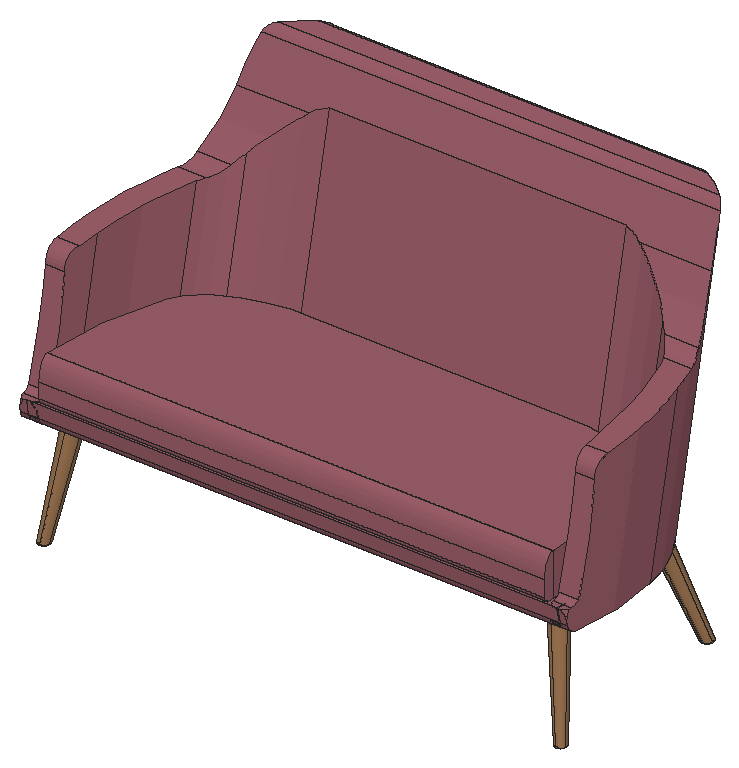
Revit family "FU_Sofa_Sandler_Danielle 8-1", category Furniture, Revit 2020
Family settings
  OmniClass Number = 23.40.20.00
  OmniClass Title = General Furniture and Specialties
  Work Plane-Based = No
  Always vertical = Yes
  Cut with Voids When Loaded = No
  Shared = No
  Room Calculation Point = No
Parameters (values of type "Danielle 8.1")
  Width = 1430 mm
  URL = "https://www.sandlerseating.com/product/danielle-8-1/"
  Seat = Fabric - X2 - Subtract AK013
  Model = "Danielle 8.1"
  Manufacturer = "Sandler"
  Height = 970 mm
  Frame = Wood - Beech - Dark Cherry
  Description = "Fully upholstered sofa with solid beech frame."
  Depth = 730 mm
  Default Elevation = 0 mm
Reference planes
  plane 1 "Center (Front/Back)": y = 0
  plane 2: z = 0
  plane 3 "Center (Left/Right)": x = 0
  plane 4 "Right": x = -715
  plane 5 "Left": x = 715
  plane 6 "Back": y = 365
  plane 7 "Front": y = -365
  plane 8 "Height": z = 970
  plane 9 "Seat height": z = 450
  plane 10 "BLL C Front": through (627.909, -1524, 7.414) normal (-0.9774, 0, -0.2113)
  plane 11 "FLL C FRONT": through (666.588, -1524, 6.228) normal (-0.9888, 0, -0.1489)
  plane 12 "Glide Height": z = 5
  plane 13 "FL C RIGHT": y = -331.51
  plane 14 "BL C RIGHT": y = 188.688
  plane 15 "Seat Base RIGHT": through (4267.2, -261.884, 279.686) normal (0, 0.0611, 0.9981)
Forms (mm)
  SweptBlend 1, solid, material "Wood - Beech - Dark Cherry" <- "Frame"
    path origin (652.721, 0, 98.303) x (0.148925, 0, -0.988848) y (0, -1, 0)
      loop
        line (106.935, 333.658) -> (-189.122, 285.177)
    profile "Pro_Circles : 28mm" origin (668.646, -333.658, -7.439) x (0.024066, 0.986856, -0.159798) y (-0.988848, 0, -0.148925)
      loop
        arc (-13.967, 0.067) -> (-9.943, -9.849) -> (-0.067, -13.967) r 13.901
        arc (-0.067, -13.967) -> (9.896, -9.896) -> (13.967, 0.067) r 13.901
        arc (13.967, 0.067) -> (9.849, 9.943) -> (-0.067, 13.967) r 13.9
        arc (-0.067, 13.967) -> (-9.895, 9.895) -> (-13.967, 0.067) r 13.9
    end profile "Pro_Circles : 48mm" origin (624.556, -285.177, 285.316) x (0.024066, 0.986856, -0.159798) y (-0.988848, 0, -0.148925)
      loop
        arc (-23.967, 0.067) -> (-17.014, -16.92) -> (-0.066, -23.967) r 23.901
        arc (-0.066, -23.967) -> (16.967, -16.967) -> (23.967, 0.067) r 23.901
        arc (23.967, 0.067) -> (16.92, 17.014) -> (-0.067, 23.967) r 23.9
        arc (-0.067, 23.967) -> (-16.966, 16.966) -> (-23.967, 0.067) r 23.9
  SweptBlend 2, solid, material "Wood - Beech - Dark Cherry" <- "Frame"
    path origin (601.415, 0, 129.99) x (0.211262, 0, -0.97743) y (0, -1, 0)
      loop
        line (142.917, -193.933) -> (-146.176, -96.721)
    profile "Pro_Circles : 28mm" origin (631.609, 193.933, -9.702) x (-0.067335, 0.947847, 0.311533) y (-0.97743, 0, -0.211262)
      loop
        arc (-13.967, 0.067) -> (-9.943, -9.849) -> (-0.067, -13.967) r 13.901
        arc (-0.067, -13.967) -> (9.896, -9.896) -> (13.967, 0.067) r 13.901
        arc (13.967, 0.067) -> (9.849, 9.943) -> (-0.067, 13.967) r 13.9
        arc (-0.067, 13.967) -> (-9.895, 9.895) -> (-13.967, 0.067) r 13.9
    end profile "Pro_Circles : 48mm" origin (570.534, 96.721, 272.867) x (-0.067335, 0.947847, 0.311533) y (-0.97743, 0, -0.211262)
      loop
        arc (-23.967, 0.067) -> (-17.014, -16.92) -> (-0.066, -23.967) r 23.901
        arc (-0.066, -23.967) -> (16.967, -16.967) -> (23.967, 0.067) r 23.901
        arc (23.967, 0.067) -> (16.92, 17.014) -> (-0.067, 23.967) r 23.9
        arc (-0.067, 23.967) -> (-16.966, 16.966) -> (-23.967, 0.067) r 23.9
  SweptBlend 3, solid, material "Wood - Beech - Dark Cherry" <- "Frame"
    path origin (-652.721, 0, 98.303) x (-0.148925, 0, -0.988848) y (0, 1, 0)
      loop
        line (106.935, -333.658) -> (-189.122, -285.177)
    profile "Pro_Circles : 28mm" origin (-668.646, -333.658, -7.439) x (0.024066, -0.986856, 0.159798) y (0.988848, 0, -0.148925)
      loop
        arc (13.967, 0.067) -> (9.895, 9.895) -> (0.067, 13.967) r 13.9
        arc (0.067, 13.967) -> (-9.849, 9.943) -> (-13.967, 0.067) r 13.9
        arc (-13.967, 0.067) -> (-9.896, -9.896) -> (0.067, -13.967) r 13.901
        arc (0.067, -13.967) -> (9.943, -9.849) -> (13.967, 0.067) r 13.901
    end profile "Pro_Circles : 48mm" origin (-624.556, -285.177, 285.316) x (0.024066, -0.986856, 0.159798) y (0.988848, 0, -0.148925)
      loop
        arc (23.967, 0.067) -> (16.966, 16.966) -> (0.067, 23.967) r 23.9
        arc (0.067, 23.967) -> (-16.92, 17.014) -> (-23.967, 0.067) r 23.9
        arc (-23.967, 0.067) -> (-16.967, -16.967) -> (0.066, -23.967) r 23.901
        arc (0.066, -23.967) -> (17.014, -16.92) -> (23.967, 0.067) r 23.901
  SweptBlend 4, solid, material "Wood - Beech - Dark Cherry" <- "Frame"
    path origin (-601.415, 0, 129.99) x (-0.211262, 0, -0.97743) y (0, 1, 0)
      loop
        line (142.917, 193.933) -> (-146.176, 96.721)
    profile "Pro_Circles : 28mm" origin (-631.609, 193.933, -9.702) x (-0.067335, -0.947847, -0.311533) y (0.97743, 0, -0.211262)
      loop
        arc (13.967, 0.067) -> (9.895, 9.895) -> (0.067, 13.967) r 13.9
        arc (0.067, 13.967) -> (-9.849, 9.943) -> (-13.967, 0.067) r 13.9
        arc (-13.967, 0.067) -> (-9.896, -9.896) -> (0.067, -13.967) r 13.901
        arc (0.067, -13.967) -> (9.943, -9.849) -> (13.967, 0.067) r 13.901
    end profile "Pro_Circles : 48mm" origin (-570.534, 96.721, 272.867) x (-0.067335, -0.947847, -0.311533) y (0.97743, 0, -0.211262)
      loop
        arc (23.967, 0.067) -> (16.966, 16.966) -> (0.067, 23.967) r 23.9
        arc (0.067, 23.967) -> (-16.92, 17.014) -> (-23.967, 0.067) r 23.9
        arc (-23.967, 0.067) -> (-16.967, -16.967) -> (0.066, -23.967) r 23.901
        arc (0.066, -23.967) -> (17.014, -16.92) -> (23.967, 0.067) r 23.901
  Extrusion 5, void
    sketch origin (0, 0, 0) x (1, 0, 0) y (0, 1, 0)
      loop
        line (-715, -365) -> (715, -365) -> (715, 255) -> (-715, 255) -> (-715, -365)
    from -20 to 5
  Revolve 6, solid, material "Rubber, Black"
    sketch origin (0, -331.51, 0) x (0, 0, 1) y (1, 0, 0)
      loop
        line (5, 652.144) -> (5, 666.698) -> (0, 666.698)
        spline (0, 666.698) -> (0.043, 664.799) -> (0.17, 662.931) -> (0.381, 661.129) -> (0.67, 659.421) -> (1.033, 657.838) -> (1.464, 656.407) -> (1.956, 655.151) -> (2.5, 654.094) -> (3.087, 653.252) -> (3.706, 652.64) -> (4.347, 652.268) -> (5, 652.144)
      axis (5, 666.698) -> (0, 666.698)
    angle from 0 to 360
  Revolve 7, solid, material "Rubber, Black"
    sketch origin (0, 188.688, 0) x (0, 0, 1) y (1, 0, 0)
      loop
        line (5, 613.497) -> (5, 628.32) -> (0, 628.32)
        spline (0, 628.32) -> (0.043, 626.386) -> (0.17, 624.484) -> (0.381, 622.648) -> (0.67, 620.909) -> (1.033, 619.297) -> (1.464, 617.839) -> (1.956, 616.56) -> (2.5, 615.483) -> (3.087, 614.625) -> (3.706, 614.002) -> (4.347, 613.624) -> (5, 613.497)
      axis (5, 628.32) -> (0, 628.32)
    angle from 0 to 360
  Revolve 8, solid, material "Rubber, Black"
    sketch origin (0, -331.51, 0) x (0, 0, 1) y (-1, 0, 0)
      loop
        line (5, 652.144) -> (5, 666.698) -> (0, 666.698)
        spline (0, 666.698) -> (0.043, 664.799) -> (0.17, 662.931) -> (0.381, 661.129) -> (0.67, 659.421) -> (1.033, 657.838) -> (1.464, 656.407) -> (1.956, 655.151) -> (2.5, 654.094) -> (3.087, 653.252) -> (3.706, 652.64) -> (4.347, 652.268) -> (5, 652.144)
      axis (5, 666.698) -> (0, 666.698)
    angle from 0 to 360
  Revolve 9, solid, material "Rubber, Black"
    sketch origin (0, 188.688, 0) x (0, 0, 1) y (-1, 0, 0)
      loop
        line (5, 613.497) -> (5, 628.32) -> (0, 628.32)
        spline (0, 628.32) -> (0.043, 626.386) -> (0.17, 624.484) -> (0.381, 622.648) -> (0.67, 620.909) -> (1.033, 619.297) -> (1.464, 617.839) -> (1.956, 616.56) -> (2.5, 615.483) -> (3.087, 614.625) -> (3.706, 614.002) -> (4.347, 613.624) -> (5, 613.497)
      axis (5, 628.32) -> (0, 628.32)
    angle from 0 to 360
  Sweep 10, solid, material "Fabric - X2 - Subtract AK013" <- "Seat"
    path origin (0, 0, 0) x (0, 1, 0) y (0, 0, 1)
      loop
        line (199.135, 133.27) -> (382.244, 994.009)
    profile "Pro_D8-1_SeatBack : Pro_D8-1_SeatBack" origin (0, 290.689, 563.639) x (0, -0.978112, 0.208078) y (1, 0, 0)
      loop
        arc (0, -376.089) -> (27.622, -498.214) -> (102.664, -598.444) r 300.161
        arc (102.664, -598.444) -> (190.937, -652.253) -> (289.097, -684.689) r 453.854
        arc (289.097, -684.689) -> (435.787, -710.165) -> (584.623, -706.324) r 754.098
        arc (584.623, -706.324) -> (597.135, -685.186) -> (586.461, -663.063) r 26
        arc (586.461, -663.063) -> (532.987, -655.674) -> (479.206, -651.006) r 1064.292
        arc (479.206, -651.006) -> (355.337, -634.657) -> (234.961, -601.179) r 892.997
        arc (234.961, -601.179) -> (194.901, -575.447) -> (164.616, -538.708) r 153.981
        arc (164.616, -538.708) -> (131.634, -463.948) -> (117.155, -383.529) r 345.081
        line (117.155, -383.529) -> (117.155, 383.529)
        arc (117.155, 383.529) -> (131.634, 463.948) -> (164.616, 538.708) r 345.081
        arc (164.616, 538.708) -> (194.901, 575.447) -> (234.961, 601.179) r 153.981
        arc (234.961, 601.179) -> (355.337, 634.657) -> (479.206, 651.006) r 892.997
        arc (479.206, 651.006) -> (532.987, 655.674) -> (586.461, 663.063) r 1064.292
        arc (586.461, 663.063) -> (597.135, 685.186) -> (584.623, 706.324) r 26
        arc (584.623, 706.324) -> (435.787, 710.165) -> (289.097, 684.689) r 754.098
        arc (289.097, 684.689) -> (190.937, 652.253) -> (102.664, 598.444) r 453.854
        arc (102.664, 598.444) -> (27.622, 498.214) -> (0, 376.089) r 300.161
        line (0, 376.089) -> (0, -376.089)
  Extrusion 11, void
    sketch origin (0, 0, 0) x (0, 1, 0) y (0, 0, 1)
      loop
        line (-337.018, 284.289) -> (185.971, 252.25)
        arc (185.971, 252.25) -> (218.113, 262.075) -> (235.922, 290.579) r 47.98
        line (235.922, 290.579) -> (356.308, 882.533)
        arc (356.308, 882.533) -> (361.119, 915.568) -> (365, 948.725) r 1187.912
        arc (365, 948.725) -> (360.609, 963.103) -> (347.25, 970) r 19.354
        line (347.25, 970) -> (300.544, 963.269)
        arc (300.544, 963.269) -> (286.181, 956.798) -> (275.927, 944.838) r 36.193
        arc (275.927, 944.838) -> (248.816, 891.299) -> (223.931, 836.688) r 1457.491
        arc (223.931, 836.688) -> (185.808, 769.619) -> (138.857, 708.404) r 561.85
        arc (138.857, 708.404) -> (119.917, 691.932) -> (95.931, 684.532) r 60.7
        arc (95.931, 684.532) -> (-67.852, 668.454) -> (-231.401, 650.135) r 12020.143
        arc (-231.401, 650.135) -> (-261.874, 637.513) -> (-274.497, 607.039) r 43.096
        arc (-274.497, 607.039) -> (-295.432, 478.761) -> (-327.435, 352.787) r 1494.313
        arc (-327.435, 352.787) -> (-335.642, 344.013) -> (-347.211, 340.775) r 22.285
        line (-347.211, 340.775) -> (-365, 340.775) -> (-357.81, 303.431)
        arc (-357.81, 303.431) -> (-350.489, 290.52) -> (-337.018, 284.289) r 24.262
      loop
        line (-480.271, 1245.584) -> (-480.271, 85.584) -> (439.729, 85.584) -> (439.729, 1245.584) -> (-480.271, 1245.584)
    from -720 to 720
  Extrusion 12, solid, material "Fabric - X2 - Subtract AK013" <- "Seat"
    sketch origin (0, 0, 0) x (0, 1, 0) y (0, 0, 1)
      loop
        line (-337.046, 283.831) -> (178.471, 252.25)
        arc (178.471, 252.25) -> (215.376, 266.809) -> (227.902, 304.453) r 46.878
        line (227.902, 304.453) -> (-365, 340.775) -> (-357.987, 303.264)
        arc (-357.987, 303.264) -> (-350.645, 290.176) -> (-337.046, 283.831) r 24.48
    from -684.689 to 684.689
  Extrusion 13, void
    sketch origin (0, 0, 0) x (1, 0, 0) y (0, 1, 0)
      loop
        spline (517.951, 185.971) -> (525.482, 181.608) -> (532.884, 177.03) -> (540.15, 172.241) -> (547.274, 167.243) -> (554.25, 162.041) -> (561.072, 156.64) -> (567.735, 151.045) -> (574.233, 145.259) -> (580.561, 139.288) -> (586.712, 133.136) -> (592.683, 126.81) -> (598.467, 120.313)
        spline (598.467, 120.313) -> (608.824, 106.335) -> (618.644, 91.977) -> (627.914, 77.259) -> (636.621, 62.202) -> (644.752, 46.828) -> (652.296, 31.159) -> (659.242, 15.216) -> (665.579, -0.978) -> (671.3, -17.398) -> (676.395, -34.022) -> (680.858, -50.827) -> (684.682, -67.788)
        line (684.682, -67.788) -> (715, -67.788) -> (715, 272.212) -> (-715, 272.212) -> (-715, -67.788) -> (-684.683, -67.788)
        spline (-684.683, -67.788) -> (-680.859, -50.827) -> (-676.396, -34.023) -> (-671.301, -17.399) -> (-665.58, -0.978) -> (-659.243, 15.215) -> (-652.297, 31.157) -> (-644.753, 46.827) -> (-636.622, 62.201) -> (-627.915, 77.257) -> (-618.645, 91.975) -> (-608.825, 106.333) -> (-598.468, 120.311)
        spline (-598.468, 120.311) -> (-592.683, 126.807) -> (-586.713, 133.134) -> (-580.561, 139.285) -> (-574.234, 145.257) -> (-567.736, 151.043) -> (-561.073, 156.639) -> (-554.25, 162.039) -> (-547.274, 167.241) -> (-540.15, 172.239) -> (-532.884, 177.029) -> (-525.482, 181.607) -> (-517.95, 185.969)
        spline (-517.95, 185.969) -> (-506.833, 191.971) -> (-495.55, 197.594) -> (-484.125, 202.833) -> (-472.584, 207.66) -> (-460.938, 212.06) -> (-449.196, 216.02) -> (-437.353, 219.525) -> (-425.409, 222.561) -> (-413.321, 225.085) -> (-401.089, 227.07) -> (-388.67, 228.392) -> (-376.089, 229.042)
        line (-376.089, 229.042) -> (376.089, 229.042)
        spline (376.089, 229.042) -> (388.67, 228.392) -> (401.09, 227.071) -> (413.321, 225.085) -> (425.409, 222.561) -> (437.353, 219.525) -> (449.197, 216.021) -> (460.938, 212.061) -> (472.585, 207.661) -> (484.126, 202.834) -> (495.551, 197.595) -> (506.834, 191.973) -> (517.951, 185.971)
    from 340.775 to 250
  Extrusion 14, solid, material "Fabric - X2 - Subtract AK013" <- "Seat"
    sketch origin (0, 0, 450) x (-1, 0, 0) y (0, -1, 0)
      loop
        line (652.397, 337.018) -> (-652.397, 337.018)
        spline (-652.397, 337.018) -> (-652.658, 309.552) -> (-652.088, 282.092) -> (-650.688, 254.66) -> (-648.459, 227.284) -> (-645.403, 199.987) -> (-641.524, 172.795) -> (-636.824, 145.732) -> (-631.307, 118.822) -> (-624.98, 92.092) -> (-617.847, 65.564) -> (-609.915, 39.263) -> (-601.192, 13.213)
        spline (-601.192, 13.213) -> (-597.85, 6.051) -> (-594.146, -0.932) -> (-590.091, -7.717) -> (-585.694, -14.286) -> (-580.967, -20.623) -> (-575.922, -26.712) -> (-570.573, -32.535) -> (-564.933, -38.079) -> (-559.017, -43.328) -> (-552.841, -48.269) -> (-546.42, -52.89) -> (-539.771, -57.177)
        spline (-539.771, -57.177) -> (-527.845, -64.04) -> (-515.651, -70.419) -> (-503.21, -76.303) -> (-490.543, -81.683) -> (-477.669, -86.551) -> (-464.609, -90.898) -> (-451.385, -94.717) -> (-438.017, -98.003) -> (-424.528, -100.75) -> (-410.939, -102.953) -> (-397.273, -104.609) -> (-383.551, -105.715)
        line (-383.551, -105.715) -> (383.551, -105.715)
        spline (383.551, -105.715) -> (397.273, -104.609) -> (410.939, -102.953) -> (424.528, -100.75) -> (438.017, -98.003) -> (451.384, -94.717) -> (464.609, -90.898) -> (477.668, -86.551) -> (490.543, -81.683) -> (503.21, -76.303) -> (515.651, -70.419) -> (527.844, -64.04) -> (539.771, -57.177)
        spline (539.771, -57.177) -> (546.42, -52.89) -> (552.841, -48.269) -> (559.018, -43.328) -> (564.934, -38.078) -> (570.574, -32.534) -> (575.923, -26.711) -> (580.968, -20.622) -> (585.695, -14.285) -> (590.092, -7.715) -> (594.148, -0.93) -> (597.851, 6.053) -> (601.193, 13.215)
        spline (601.193, 13.215) -> (609.916, 39.265) -> (617.848, 65.566) -> (624.981, 92.094) -> (631.308, 118.824) -> (636.824, 145.733) -> (641.524, 172.796) -> (645.404, 199.988) -> (648.459, 227.285) -> (650.688, 254.661) -> (652.088, 282.092) -> (652.658, 309.553) -> (652.397, 337.018)
    from 0 to -110
  Sweep 15, solid, material "Fabric - X2 - Subtract AK013" <- "Seat"
    path in 3D
      loop
        line (-652.397, -337.018, 450) -> (652.397, -337.018, 450)
    profile "pro_D8-1_SeatFront : pro_D8-1_SeatFront" origin (0, -337.018, 450) x (0, 1, 0) y (0, 0, 1)
      loop
        line (0, -110) -> (0, 0)
        spline (0, 0) -> (-3.655, -0.471) -> (-7.247, -1.874) -> (-10.715, -4.187) -> (-14, -7.369) -> (-17.045, -11.366) -> (-19.799, -16.109) -> (-22.214, -21.518) -> (-24.249, -27.5) -> (-25.869, -33.952) -> (-27.046, -40.765) -> (-27.76, -47.821) -> (-28, -55)
        line (-28, -55) -> (-28, -96)
        arc (-28, -96) -> (-23.899, -105.899) -> (-14, -110) r 14
        line (-14, -110) -> (0, -110)
Cuts and joins
  Extrusion 5 cuts SweptBlend 3
  Extrusion 5 cuts SweptBlend 4
  Extrusion 5 cuts SweptBlend 2
  Extrusion 5 cuts SweptBlend 1
  Extrusion 11 cuts Sweep 10
  Extrusion 13 cuts Extrusion 12
Lines and regions (mm)
  reference lines
    curve 1: line (628.428, 188.688, 5.014) -> (629.484, 188.688, 0.126)
    curve 2: line (-628.428, 188.688, 5.014) -> (-629.484, 188.688, 0.126)
  sketch lines
    curve 3: line (-652.397, -337.018, 450) -> (652.397, -337.018, 450)
Dimensions and locks
  equal spacing: plane 4 "Right", plane 3 "Center (Left/Right)", plane 5 "Left"
  "Width": plane 4 "Right" to plane 5 "Left"
  equal spacing: plane 6 "Back", plane 1 "Center (Front/Back)", plane 7 "Front"
  "Depth": plane 6 "Back" to plane 7 "Front"
  "Height": plane 8 "Height" to level
  plane 9 "Seat height" to level = 450 mm
  aligned and locked: level to plane 2
Automatic sketch dimensions
  plane 13 "FL C RIGHT" to SweptBlend 1 sketch curve = 46.333 mm
  SweptBlend 1 sketch curve to plane 13 "FL C RIGHT" = 2.147 mm
  SweptBlend 1 sketch curve to SweptBlend 1 sketch curve = 296.057 mm
  plane 14 "BL C RIGHT" to curve 1 = 0 mm
  curve 1 to curve 1 = 5 mm
  SweptBlend 2 sketch curve to plane 14 "BL C RIGHT" = 91.967 mm
  plane 14 "BL C RIGHT" to SweptBlend 2 sketch curve = 5.245 mm
  SweptBlend 2 sketch curve to SweptBlend 2 sketch curve = 289.093 mm
  plane 13 "FL C RIGHT" to SweptBlend 3 sketch curve = 46.333 mm
  SweptBlend 3 sketch curve to plane 13 "FL C RIGHT" = 2.147 mm
  SweptBlend 3 sketch curve to SweptBlend 3 sketch curve = 296.057 mm
  SweptBlend 4 sketch curve to plane 14 "BL C RIGHT" = 91.967 mm
  plane 14 "BL C RIGHT" to SweptBlend 4 sketch curve = 5.245 mm
  SweptBlend 4 sketch curve to SweptBlend 4 sketch curve = 289.093 mm
  Extrusion 5 sketch curve to plane 4 "Right" = 0 mm
  Extrusion 5 sketch curve to plane 5 "Left" = 0 mm
  Extrusion 5 sketch curve to plane 7 "Front" = 0 mm
  plane 14 "BL C RIGHT" to Extrusion 5 sketch curve = 66.312 mm
  Revolve 6 sketch curve to level = 0 mm
  Revolve 6 sketch curve to plane 12 "Glide Height" = 0 mm  (x2)
  plane 5 "Left" to Revolve 6 sketch curve = 62.856 mm
  Revolve 6 sketch curve to Revolve 6 sketch curve = 14.555 mm
  Revolve 6 sketch curve to Revolve 6 sketch curve = 2.802 mm
  Revolve 6 sketch curve to Revolve 6 sketch curve = 0 mm
  Revolve 7 sketch curve to level = 0 mm
  Revolve 7 sketch curve to plane 12 "Glide Height" = 0 mm  (x2)
  plane 5 "Left" to Revolve 7 sketch curve = 101.503 mm
  Revolve 7 sketch curve to Revolve 7 sketch curve = 14.823 mm
  Revolve 7 sketch curve to Revolve 7 sketch curve = 2.862 mm
  Revolve 7 sketch curve to Revolve 7 sketch curve = 0 mm
  Revolve 8 sketch curve to level = 0 mm
  Revolve 8 sketch curve to plane 12 "Glide Height" = 0 mm  (x2)
  plane 4 "Right" to Revolve 8 sketch curve = 62.856 mm
  Revolve 8 sketch curve to Revolve 8 sketch curve = 14.555 mm
  Revolve 8 sketch curve to Revolve 8 sketch curve = 2.802 mm
  Revolve 8 sketch curve to Revolve 8 sketch curve = 0 mm
  Revolve 9 sketch curve to level = 0 mm
  Revolve 9 sketch curve to plane 12 "Glide Height" = 0 mm  (x2)
  plane 4 "Right" to Revolve 9 sketch curve = 101.503 mm
  Revolve 9 sketch curve to Revolve 9 sketch curve = 14.823 mm
  Revolve 9 sketch curve to Revolve 9 sketch curve = 2.862 mm
  Revolve 9 sketch curve to Revolve 9 sketch curve = 0 mm
  plane 14 "BL C RIGHT" to curve 2 = 0 mm
  curve 2 to curve 2 = 5 mm
  plane 14 "BL C RIGHT" to Sweep 10 sketch curve = 10.447 mm
  plane 12 "Glide Height" to Sweep 10 sketch curve = 128.27 mm
  plane 6 "Back" to Sweep 10 sketch curve = 17.244 mm
  plane 8 "Height" to Sweep 10 sketch curve = 24.009 mm
  Extrusion 11 sketch curve to plane 7 "Front" = 0 mm
  Extrusion 11 sketch curve to plane 8 "Height" = 0 mm
  Extrusion 11 sketch curve to plane 6 "Back" = 0 mm  (x2)
  Extrusion 11 sketch curve to plane 7 "Front" = 115.271 mm
  plane 8 "Height" to Extrusion 11 sketch curve = 100.234 mm
  Extrusion 11 sketch curve to Extrusion 11 sketch curve = 336.41 mm
  Extrusion 11 sketch curve to plane 8 "Height" = 186.64 mm
  Extrusion 11 sketch curve to Extrusion 11 sketch curve = 941.69 mm
  plane 7 "Front" to Extrusion 11 sketch curve = 7.19 mm
  Extrusion 11 sketch curve to plane 13 "FL C RIGHT" = 15.7 mm
  Extrusion 11 sketch curve to plane 13 "FL C RIGHT" = 5.507 mm
  Extrusion 11 sketch curve to plane 13 "FL C RIGHT" = 2.546 mm
  plane 13 "FL C RIGHT" to Extrusion 11 sketch curve = 49.075 mm
  plane 13 "FL C RIGHT" to Extrusion 11 sketch curve = 100.11 mm
  Extrusion 11 sketch curve to plane 1 "Center (Front/Back)" = 90.415 mm
  Extrusion 11 sketch curve to plane 14 "BL C RIGHT" = 2.718 mm
  plane 14 "BL C RIGHT" to Extrusion 11 sketch curve = 0.216 mm
  plane 14 "BL C RIGHT" to Extrusion 11 sketch curve = 47.234 mm
  Extrusion 11 sketch curve to plane 8 "Height" = 6.731 mm
  Extrusion 11 sketch curve to plane 6 "Back" = 64.456 mm
  Extrusion 11 sketch curve to Extrusion 11 sketch curve = 7.329 mm
  Extrusion 11 sketch curve to plane 6 "Back" = 19.252 mm
  Extrusion 11 sketch curve to plane 6 "Back" = 17.75 mm
  Extrusion 11 sketch curve to plane 6 "Back" = 8.692 mm
  plane 6 "Back" to Extrusion 11 sketch curve = 74.729 mm
  plane 6 "Back" to Extrusion 11 sketch curve = 823.314 mm
  Extrusion 11 sketch curve to plane 9 "Seat height" = 190.241 mm
  Extrusion 11 sketch curve to Extrusion 11 sketch curve = 1122.645 mm
  Extrusion 11 sketch curve to plane 9 "Seat height" = 197.75 mm
  plane 12 "Glide Height" to Extrusion 11 sketch curve = 80.584 mm
  Extrusion 11 sketch curve to level = 11285.87 mm
  Extrusion 11 sketch curve to plane 9 "Seat height" = 165.711 mm
  Extrusion 11 sketch curve to Extrusion 11 sketch curve = 38.329 mm
  Extrusion 11 sketch curve to Extrusion 11 sketch curve = 19.142 mm
  Extrusion 11 sketch curve to Extrusion 11 sketch curve = 32.406 mm
  Extrusion 11 sketch curve to Extrusion 11 sketch curve = 22.285 mm
  plane 9 "Seat height" to Extrusion 11 sketch curve = 157.039 mm
  Extrusion 11 sketch curve to plane 8 "Height" = 225.02 mm
  Extrusion 11 sketch curve to Extrusion 11 sketch curve = 35.443 mm
  plane 8 "Height" to Extrusion 11 sketch curve = 110.142 mm
  Extrusion 11 sketch curve to Extrusion 11 sketch curve = 165.442 mm
  plane 13 "FL C RIGHT" to Extrusion 11 sketch curve = 4.076 mm
  Extrusion 11 sketch curve to Extrusion 11 sketch curve = 0 mm
  Extrusion 11 sketch curve to Extrusion 11 sketch curve = 42.926 mm
  plane 14 "BL C RIGHT" to Extrusion 11 sketch curve = 35.242 mm
  Extrusion 12 sketch curve to plane 7 "Front" = 0 mm
  plane 7 "Front" to Extrusion 12 sketch curve = 7.013 mm
  Extrusion 12 sketch curve to plane 13 "FL C RIGHT" = 5.535 mm
  Extrusion 12 sketch curve to plane 13 "FL C RIGHT" = 2.483 mm
  Extrusion 12 sketch curve to plane 14 "BL C RIGHT" = 10.218 mm
  Extrusion 12 sketch curve to plane 14 "BL C RIGHT" = 7.351 mm
  Extrusion 12 sketch curve to plane 9 "Seat height" = 197.75 mm
  Extrusion 12 sketch curve to plane 9 "Seat height" = 166.169 mm
  Extrusion 12 sketch curve to Extrusion 12 sketch curve = 46.791 mm
  Extrusion 12 sketch curve to Extrusion 12 sketch curve = 19.433 mm
  Extrusion 12 sketch curve to Extrusion 12 sketch curve = 37.511 mm
  plane 14 "BL C RIGHT" to Extrusion 12 sketch curve = 39.213 mm
  Extrusion 13 sketch curve to plane 4 "Right" = 0 mm
  Extrusion 13 sketch curve to plane 5 "Left" = 0 mm
  Extrusion 13 sketch curve to Extrusion 13 sketch curve = 30.317 mm
  Extrusion 13 sketch curve to plane 14 "BL C RIGHT" = 2.719 mm
  Extrusion 13 sketch curve to plane 4 "Right" = 197.05 mm
  plane 14 "BL C RIGHT" to Extrusion 13 sketch curve = 40.353 mm
  Extrusion 13 sketch curve to Extrusion 13 sketch curve = 141.861 mm  (x2)
  plane 5 "Left" to Extrusion 13 sketch curve = 338.911 mm
  Extrusion 13 sketch curve to plane 14 "BL C RIGHT" = 2.718 mm
  plane 1 "Center (Front/Back)" to Extrusion 13 sketch curve = 67.788 mm
  plane 14 "BL C RIGHT" to Extrusion 13 sketch curve = 83.524 mm
  Extrusion 13 sketch curve to plane 4 "Right" = 20.895 mm
  Extrusion 13 sketch curve to Extrusion 13 sketch curve = 13.116 mm
  Extrusion 13 sketch curve to plane 14 "BL C RIGHT" = 68.378 mm
  Extrusion 13 sketch curve to Extrusion 13 sketch curve = 80.518 mm
  plane 1 "Center (Front/Back)" to Extrusion 13 sketch curve = 75.877 mm
  plane 1 "Center (Front/Back)" to Extrusion 13 sketch curve = 160.364 mm
  plane 1 "Center (Front/Back)" to Extrusion 13 sketch curve = 160.36 mm
  plane 3 "Center (Left/Right)" to Extrusion 13 sketch curve = 232.877 mm
  plane 1 "Center (Front/Back)" to Extrusion 13 sketch curve = 75.876 mm
  Extrusion 13 sketch curve to Extrusion 13 sketch curve = 137.878 mm
  Extrusion 13 sketch curve to plane 14 "BL C RIGHT" = 68.375 mm
  Extrusion 13 sketch curve to Extrusion 13 sketch curve = 80.517 mm
  Extrusion 13 sketch curve to Extrusion 13 sketch curve = 13.115 mm
  plane 5 "Left" to Extrusion 13 sketch curve = 20.897 mm
  Extrusion 14 sketch curve to plane 14 "BL C RIGHT" = 82.973 mm
  Extrusion 14 sketch curve to plane 4 "Right" = 331.449 mm
  plane 1 "Center (Front/Back)" to Extrusion 14 sketch curve = 74.99 mm  (x2)
  Extrusion 14 sketch curve to Extrusion 14 sketch curve = 75.381 mm
  Extrusion 14 sketch curve to Extrusion 14 sketch curve = 80.84 mm  (x2)
  plane 1 "Center (Front/Back)" to Extrusion 14 sketch curve = 13.213 mm
  Extrusion 14 sketch curve to Extrusion 14 sketch curve = 61.421 mm
  Extrusion 14 sketch curve to Extrusion 14 sketch curve = 12.881 mm
  plane 5 "Left" to Extrusion 14 sketch curve = 62.603 mm
  plane 13 "FL C RIGHT" to Extrusion 14 sketch curve = 16.844 mm  (x2)
  Extrusion 14 sketch curve to plane 13 "FL C RIGHT" = 5.507 mm
  Extrusion 14 sketch curve to Extrusion 14 sketch curve = 0.275 mm  (x2)
  plane 5 "Left" to Extrusion 14 sketch curve = 9.784 mm
  plane 13 "FL C RIGHT" to Extrusion 14 sketch curve = 96.127 mm
  Extrusion 14 sketch curve to Extrusion 14 sketch curve = 103.858 mm  (x2)
  Extrusion 14 sketch curve to Extrusion 14 sketch curve = 96.08 mm
  Extrusion 14 sketch curve to plane 1 "Center (Front/Back)" = 57.177 mm
  plane 1 "Center (Front/Back)" to Extrusion 14 sketch curve = 13.215 mm
  Extrusion 14 sketch curve to Extrusion 14 sketch curve = 61.422 mm
  Extrusion 14 sketch curve to plane 4 "Right" = 62.603 mm
  Extrusion 14 sketch curve to plane 4 "Right" = 9.784 mm
